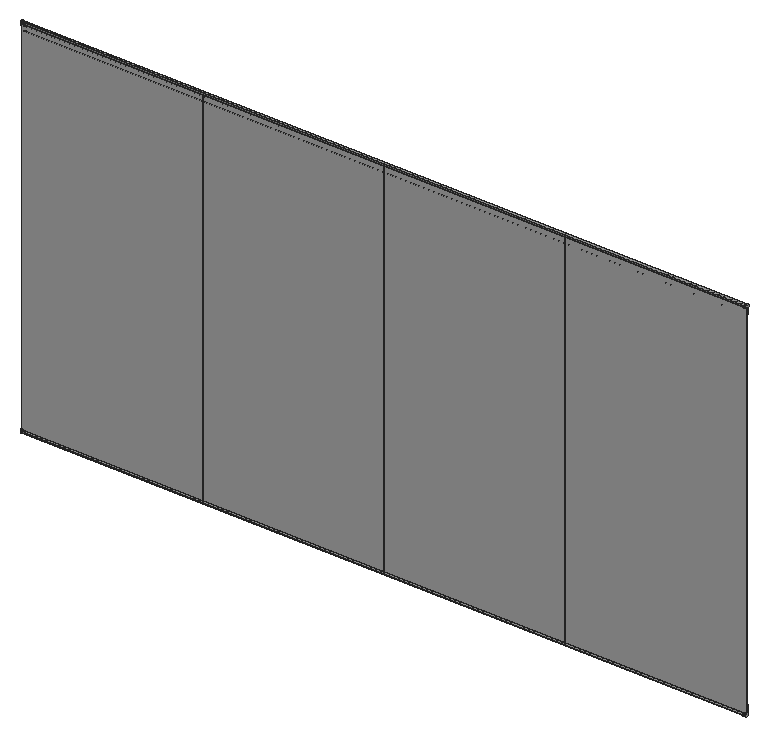
Revit family "Unity Glass Wall 8x16", category Generic Models, Revit 2018
Family settings
  Can host rebar = No
  Round Connector Dimension = Use Diameter
  Part Type = Normal
  Work Plane-Based = No
  Always vertical = Yes
  Cut with Voids When Loaded = No
  Shared = No
  Room Calculation Point = No
Parameters
  Panel #4 = Unity Glass Wall 8x16 Panel #4
  Panel #3 = Unity Glass Wall 8x16 Panel #3
  Panel #2 = Unity Glass Wall 8x16 Panel #2
  Panel #1 = Unity Glass Wall 8x16 Panel #1
Reference planes (in)
  plane 1 "Center (Front/Back)": y = 0
  plane 2: z = 0
  plane 3 "Center (Left/Right)": x = 0
Forms (in)
  Extrusion 1, solid, material "Unity Glass Wall Trim Metal"
    sketch origin (-94.48819, 0, 12.64022) x (0, 1, 0) y (0, 0, 1)
      loop
        line (0, 83.30899) -> (-0.645, 83.30899)
        arc (-0.645, 83.30899) -> (-0.70034, 83.28391) -> (-0.71795, 83.22577) r 0.07358
        arc (-0.71795, 83.22577) -> (-0.66251, 82.98163) -> (-0.5634, 82.75172) r 1.36464
        arc (-0.5634, 82.75172) -> (-0.54859, 82.73439) -> (-0.52802, 82.72453) r 0.05514
        line (-0.52802, 82.72453) -> (-0.48302, 82.72453) -> (-0.48302, 82.77531) -> (-0.51842, 82.77531)
        arc (-0.51842, 82.77531) -> (-0.6141, 82.99698) -> (-0.66761, 83.23242) r 1.31386
        arc (-0.66761, 83.23242) -> (-0.66215, 83.25044) -> (-0.645, 83.25821) r 0.0228
        line (-0.645, 83.25821) -> (-0.05078, 83.25821) -> (-0.05078, 82.12852) -> (-0.118, 82.19574) -> (-0.118, 82.45703) -> (-0.166, 82.45703) -> (-0.166, 82.19574)
        arc (-0.166, 82.19574) -> (-0.16235, 82.17737) -> (-0.15194, 82.1618) r 0.048
        line (-0.15194, 82.1618) -> (-0.1, 82.10985) -> (-0.1, 81.00078)
        arc (-0.1, 81.00078) -> (-0.05, 80.95078) -> (0, 81.00078) r 0.05
        line (0, 81.00078) -> (0, 83.30899)
    from 0.2 to 188.77638
  Extrusion 2, solid, material "Unity Glass Wall 8x16 Panel #1" <- "Panel #1"
    sketch origin (-94.48819, 0, 0.63581) x (0, 1, 0) y (0, 0, 1)
      loop
        line (-0.48802, -0.53425) -> (-0.28802, -0.53425) -> (-0.28802, 95.26263) -> (-0.48802, 95.26263) -> (-0.48802, -0.53425)
    from 0 to 47.24409
  Extrusion 3, solid, material "Unity Glass Wall Trim Metal"
    sketch origin (-47.24409, 0, 12.64022) x (0, 1, 0) y (0, 0, 1)
      loop
        line (0, 83.35978) -> (-0.645, 83.35978)
        arc (-0.645, 83.35978) -> (-0.73852, 83.31739) -> (-0.76829, 83.21911) r 0.12436
        arc (-0.76829, 83.21911) -> (-0.55414, 82.63679) -> (-0.11151, 82.20201) r 1.41542
        arc (-0.11151, 82.20201) -> (-0.09645, 82.19579) -> (-0.08019, 82.19478) r 0.04981
        line (-0.08019, 82.19478) -> (0, 82.19478) -> (0, 83.35978)
    from -47.24409 to -47.34409
  Extrusion 4, solid, material "Unity Glass Wall Trim Metal"
    sketch origin (-141.73228, 0, 12.64022) x (0, 1, 0) y (0, 0, -1)
      loop
        line (0, -83.35978) -> (0, -81.00078)
        arc (0, -81.00078) -> (-0.05, -80.95078) -> (-0.1, -81.00078) r 0.05
        line (-0.1, -81.00078) -> (-0.1, -82.10985) -> (-0.15194, -82.1618)
        arc (-0.15194, -82.1618) -> (-0.16235, -82.17737) -> (-0.166, -82.19574) r 0.048
        line (-0.166, -82.19574) -> (-0.166, -82.45703) -> (-0.118, -82.45703) -> (-0.118, -82.19574) -> (-0.048, -82.12574) -> (-0.048, -83.30899) -> (-0.645, -83.30899)
        arc (-0.645, -83.30899) -> (-0.70034, -83.28391) -> (-0.71795, -83.22577) r 0.07358
        arc (-0.71795, -83.22577) -> (-0.66202, -82.98012) -> (-0.56188, -82.74894) r 1.36464
        arc (-0.56188, -82.74894) -> (-0.5474, -82.73362) -> (-0.52802, -82.72531) r 0.05198
        line (-0.52802, -82.72531) -> (-0.48302, -82.72531) -> (-0.48302, -82.67453) -> (-0.5309, -82.67453)
        arc (-0.5309, -82.67453) -> (-0.56773, -82.68318) -> (-0.59684, -82.70734) r 0.08265
        arc (-0.59684, -82.70734) -> (-0.70718, -82.95498) -> (-0.76829, -83.21911) r 1.41542
        arc (-0.76829, -83.21911) -> (-0.73852, -83.31739) -> (-0.645, -83.35978) r 0.12436
        line (-0.645, -83.35978) -> (0, -83.35978)
    from -47.24409 to -47.44409
  Extrusion 5, solid, material "Unity Glass Wall Trim Metal"
    sketch origin (-94.48819, 0, 83.35978) x (0, 1, 0) y (0, 0, 1)
      loop
        line (0, -83.30899) -> (0, -81.00078)
        arc (0, -81.00078) -> (-0.05, -80.95078) -> (-0.1, -81.00078) r 0.05
        line (-0.1, -81.00078) -> (-0.1, -82.10985) -> (-0.15194, -82.1618)
        arc (-0.15194, -82.1618) -> (-0.16235, -82.17737) -> (-0.166, -82.19574) r 0.048
        line (-0.166, -82.19574) -> (-0.166, -82.45703) -> (-0.118, -82.45703) -> (-0.118, -82.19574) -> (-0.05078, -82.12852) -> (-0.05078, -83.25821) -> (-0.645, -83.25821)
        arc (-0.645, -83.25821) -> (-0.66215, -83.25044) -> (-0.66761, -83.23242) r 0.0228
        arc (-0.66761, -83.23242) -> (-0.6141, -82.99698) -> (-0.51842, -82.77531) r 1.31386
        line (-0.51842, -82.77531) -> (-0.48302, -82.77531) -> (-0.48302, -82.72453) -> (-0.52802, -82.72453)
        arc (-0.52802, -82.72453) -> (-0.54859, -82.73439) -> (-0.5634, -82.75172) r 0.05514
        arc (-0.5634, -82.75172) -> (-0.66251, -82.98163) -> (-0.71795, -83.22577) r 1.36464
        arc (-0.71795, -83.22577) -> (-0.70034, -83.28391) -> (-0.645, -83.30899) r 0.07358
        line (-0.645, -83.30899) -> (0, -83.30899)
    from 0.2 to 188.77638
  Extrusion 6, solid, material "Unity Glass Wall Trim Metal"
    sketch origin (-47.24409, 0, 83.35978) x (0, 1, 0) y (0, 0, 1)
      loop
        line (0, -83.35978) -> (0, -82.19478) -> (-0.08019, -82.19478)
        arc (-0.08019, -82.19478) -> (-0.09645, -82.19579) -> (-0.11151, -82.20201) r 0.04981
        arc (-0.11151, -82.20201) -> (-0.55414, -82.63679) -> (-0.76829, -83.21911) r 1.41542
        arc (-0.76829, -83.21911) -> (-0.73852, -83.31739) -> (-0.645, -83.35978) r 0.12436
        line (-0.645, -83.35978) -> (0, -83.35978)
    from -47.24409 to -47.34409
  Extrusion 7, solid, material "Unity Glass Wall Trim Metal"
    sketch origin (-141.73228, 0, 83.35978) x (0, 1, 0) y (0, 0, -1)
      loop
        line (0, 83.35978) -> (-0.645, 83.35978)
        arc (-0.645, 83.35978) -> (-0.73852, 83.31739) -> (-0.76829, 83.21911) r 0.12436
        arc (-0.76829, 83.21911) -> (-0.70718, 82.95498) -> (-0.59684, 82.70734) r 1.41542
        arc (-0.59684, 82.70734) -> (-0.56773, 82.68318) -> (-0.5309, 82.67453) r 0.08265
        line (-0.5309, 82.67453) -> (-0.48302, 82.67453) -> (-0.48302, 82.72531) -> (-0.52802, 82.72531)
        arc (-0.52802, 82.72531) -> (-0.5474, 82.73362) -> (-0.56188, 82.74894) r 0.05198
        arc (-0.56188, 82.74894) -> (-0.66202, 82.98012) -> (-0.71795, 83.22577) r 1.36464
        arc (-0.71795, 83.22577) -> (-0.70034, 83.28391) -> (-0.645, 83.30899) r 0.07358
        line (-0.645, 83.30899) -> (-0.048, 83.30899) -> (-0.048, 82.12574) -> (-0.118, 82.19574) -> (-0.118, 82.45703) -> (-0.166, 82.45703) -> (-0.166, 82.19574)
        arc (-0.166, 82.19574) -> (-0.16235, 82.17737) -> (-0.15194, 82.1618) r 0.048
        line (-0.15194, 82.1618) -> (-0.1, 82.10985) -> (-0.1, 81.00078)
        arc (-0.1, 81.00078) -> (-0.05, 80.95078) -> (0, 81.00078) r 0.05
        line (0, 81.00078) -> (0, 83.35978)
    from -47.24409 to -47.44409
  Extrusion 8, solid, material "Unity Glass Wall 8x16 Panel #2" <- "Panel #2"
    sketch origin (-47.24409, 0, 0.63581) x (0, 1, 0) y (0, 0, 1)
      loop
        line (-0.48802, -0.53425) -> (-0.28802, -0.53425) -> (-0.28802, 95.26263) -> (-0.48802, 95.26263) -> (-0.48802, -0.53425)
    from 0 to 47.24409
  Extrusion 9, solid, material "Unity Glass Wall 8x16 Panel #3" <- "Panel #3"
    sketch origin (47.24409, 0, 0.63581) x (0, 1, 0) y (0, 0, -1)
      loop
        line (-0.48802, 0.53425) -> (-0.48802, -95.26263) -> (-0.28802, -95.26263) -> (-0.28802, 0.53425) -> (-0.48802, 0.53425)
    from 0 to 47.24409
  Extrusion 10, solid, material "Unity Glass Wall 8x16 Panel #4" <- "Panel #4"
    sketch origin (94.48819, 0, 0.63581) x (0, 1, 0) y (0, 0, -1)
      loop
        line (-0.48802, 0.53425) -> (-0.48802, -95.26263) -> (-0.28802, -95.26263) -> (-0.28802, 0.53425) -> (-0.48802, 0.53425)
    from 0 to 47.24409
  Extrusion 11, solid, material "Unity Glass Wall Trim Metal"
    sketch origin (47.24409, 0, 12.64022) x (0, 1, 0) y (0, 0, -1)
      loop
        line (0, -83.35978) -> (0, -82.19478) -> (-0.08019, -82.19478)
        arc (-0.08019, -82.19478) -> (-0.09645, -82.19579) -> (-0.11151, -82.20201) r 0.04981
        arc (-0.11151, -82.20201) -> (-0.55414, -82.63679) -> (-0.76829, -83.21911) r 1.41542
        arc (-0.76829, -83.21911) -> (-0.73852, -83.31739) -> (-0.645, -83.35978) r 0.12436
        line (-0.645, -83.35978) -> (0, -83.35978)
    from -47.24409 to -47.34409
  Extrusion 12, solid, material "Unity Glass Wall Trim Metal"
    sketch origin (141.73228, 0, 12.64022) x (0, 1, 0) y (0, 0, 1)
      loop
        line (0, 83.35978) -> (-0.645, 83.35978)
        arc (-0.645, 83.35978) -> (-0.73852, 83.31739) -> (-0.76829, 83.21911) r 0.12436
        arc (-0.76829, 83.21911) -> (-0.70718, 82.95498) -> (-0.59684, 82.70734) r 1.41542
        arc (-0.59684, 82.70734) -> (-0.56773, 82.68318) -> (-0.5309, 82.67453) r 0.08265
        line (-0.5309, 82.67453) -> (-0.48302, 82.67453) -> (-0.48302, 82.72531) -> (-0.52802, 82.72531)
        arc (-0.52802, 82.72531) -> (-0.5474, 82.73362) -> (-0.56188, 82.74894) r 0.05198
        arc (-0.56188, 82.74894) -> (-0.66202, 82.98012) -> (-0.71795, 83.22577) r 1.36464
        arc (-0.71795, 83.22577) -> (-0.70034, 83.28391) -> (-0.645, 83.30899) r 0.07358
        line (-0.645, 83.30899) -> (-0.048, 83.30899) -> (-0.048, 82.12574) -> (-0.118, 82.19574) -> (-0.118, 82.45703) -> (-0.166, 82.45703) -> (-0.166, 82.19574)
        arc (-0.166, 82.19574) -> (-0.16235, 82.17737) -> (-0.15194, 82.1618) r 0.048
        line (-0.15194, 82.1618) -> (-0.1, 82.10985) -> (-0.1, 81.00078)
        arc (-0.1, 81.00078) -> (-0.05, 80.95078) -> (0, 81.00078) r 0.05
        line (0, 81.00078) -> (0, 83.35978)
    from -47.24409 to -47.44409
  Extrusion 13, solid, material "Unity Glass Wall Trim Metal"
    sketch origin (47.24409, 0, 83.35978) x (0, 1, 0) y (0, 0, -1)
      loop
        line (0, 83.35978) -> (-0.645, 83.35978)
        arc (-0.645, 83.35978) -> (-0.73852, 83.31739) -> (-0.76829, 83.21911) r 0.12436
        arc (-0.76829, 83.21911) -> (-0.55414, 82.63679) -> (-0.11151, 82.20201) r 1.41542
        arc (-0.11151, 82.20201) -> (-0.09645, 82.19579) -> (-0.08019, 82.19478) r 0.04981
        line (-0.08019, 82.19478) -> (0, 82.19478) -> (0, 83.35978)
    from -47.24409 to -47.34409
  Extrusion 14, solid, material "Unity Glass Wall Trim Metal"
    sketch origin (141.73228, 0, 83.35978) x (0, 1, 0) y (0, 0, 1)
      loop
        line (0, -83.35978) -> (0, -81.00078)
        arc (0, -81.00078) -> (-0.05, -80.95078) -> (-0.1, -81.00078) r 0.05
        line (-0.1, -81.00078) -> (-0.1, -82.10985) -> (-0.15194, -82.1618)
        arc (-0.15194, -82.1618) -> (-0.16235, -82.17737) -> (-0.166, -82.19574) r 0.048
        line (-0.166, -82.19574) -> (-0.166, -82.45703) -> (-0.118, -82.45703) -> (-0.118, -82.19574) -> (-0.048, -82.12574) -> (-0.048, -83.30899) -> (-0.645, -83.30899)
        arc (-0.645, -83.30899) -> (-0.70034, -83.28391) -> (-0.71795, -83.22577) r 0.07358
        arc (-0.71795, -83.22577) -> (-0.66202, -82.98012) -> (-0.56188, -82.74894) r 1.36464
        arc (-0.56188, -82.74894) -> (-0.5474, -82.73362) -> (-0.52802, -82.72531) r 0.05198
        line (-0.52802, -82.72531) -> (-0.48302, -82.72531) -> (-0.48302, -82.67453) -> (-0.5309, -82.67453)
        arc (-0.5309, -82.67453) -> (-0.56773, -82.68318) -> (-0.59684, -82.70734) r 0.08265
        arc (-0.59684, -82.70734) -> (-0.70718, -82.95498) -> (-0.76829, -83.21911) r 1.41542
        arc (-0.76829, -83.21911) -> (-0.73852, -83.31739) -> (-0.645, -83.35978) r 0.12436
        line (-0.645, -83.35978) -> (0, -83.35978)
    from -47.24409 to -47.44409
Dimensions and locks (in)
  aligned and locked: plane 2 to level
